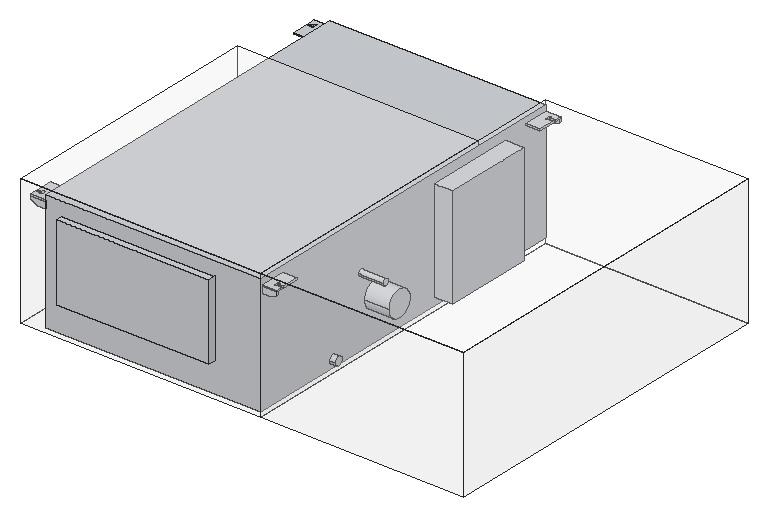
Revit family "ge-p1080_2100mg7_60Hz", category 機械設備, Revit 2019
Family settings
  丸型コネクタ寸法 = 直径を使用
  パーツ タイプ = 標準
  OmniClass 番号 = 23.75.10.24.21.27.27
  OmniClass タイトル = Split System Air Conditioning Units
  作業面ベース = いいえ
  常に垂直 = はい
  ロード時にボイドで切り取り = いいえ
  共有 = いいえ
  部屋計算ポイント = はい
Parameters (values of type "GE-P1080MG9")
  風量 = 1080.0 m³/h
  音響パワーレベル(dB) = 64
  電源種別 = ""
  電圧_電気ヒーター = 0 V
  電圧 = 200 V
  電動機出力_送風機 = 200 W
  運転質量 = 0.00 kg
  連動 = ""
  質量 = if(製品質量 > 運転質量, 製品質量, 運転質量) * 1.2  # 116.40 kg
  負荷分類 = 10_ファンコイル類
  説明 = "ビル用マルチエアコン 室内ユニット 天井埋込外気処理"
  設計暖房能力 [instance] = 0 kW
  設計冷房能力_顕熱 [instance] = 0 kW
  設計冷房能力 [instance] = 0 kW
  設置方法 = "天井吊形"
  記号 [instance] = ""
  製造元 = "三菱電機株式会社"
  製品質量 = 97.00 kg
  製品出荷対象 = "国内"
  製品リリース年月 = "2022年9月15日"
  製品グループ = ""
  給気量 = 0.0 m³/h
  系統 [instance] = ""
  符号 = "ACP-CIO"
  積算_科目 = "1 空気調和設備"
  積算_拾い区分 [instance] = ""
  相_電気ヒーター = 1
  相 = 1
  盤記号 [instance] = ""
  発停方法 = ""
  特殊仕様 [instance] = ""
  火災停止 = ""
  消費電力_電気ヒーター = 0 W
  消費電力_暖房 = 340 W
  消費電力_加湿器 = 0 W
  消費電力_冷房 = 340 W
  消費電力 = if(消費電力_冷房 > 消費電力_暖房, 消費電力_冷房, 消費電力_暖房) + 消費電力_加湿器 + 消費電力_電気ヒーター  # 340 W
  法定耐用年数 = "15"
  機外静圧 = 220.0 Pa
  極数 = 1
  材質 [instance] = ""
  本体マテリアル = none
  有効加湿量 = 8.3
  暖房能力 = 13.7 kW
  排気量 = 0.0 m³/h
  形式_加湿器 = ""
  形式 = "外気処理エアコン(天井吊形)"
  幹線記号 [instance] = ""
  始動方式 = "直入"
  外気量 = 0.0 m³/h
  呼称 = "室内機_外気処理エアコン(天井吊形)"
  周波数 = 60 Hz
  台数_手元リモコン [instance] = ""
  台数_冷媒分岐ユニット [instance] = ""
  参照している仕様書等のバージョン = "公共建築工事標準仕様書（機械設備工事編）平成31年度版"
  加湿給水管径 = 21.70 mm
  分類コード = "50053003221160"
  分類グループ = ""
  冷房能力 = 14 kW
  冷媒高低圧ガス管径 = 0.00 mm
  冷媒管径符号 = "Bd"
  冷媒管径 = 100.00 mm
  冷媒液管径 = 9.52 mm
  冷媒ガス管径 = 15.88 mm
  企業コード = "108420"
  付属品_フィルター = ""
  付属品 [instance] = ""
  仕様書バージョン = "Version1.0"
  モデル = "GE-P1080MG9"
  ドレン管径 = 32.00 mm
  ダクト2高 = 400 mm
  ダクト2幅 = 700 mm
  ダクト1高 = 300 mm
  ダクト1幅 = 600 mm
  コメント [instance] = ""
  Keynote = ""
  エンタルピ交換効率_暖房 [instance] = 0.00%
  エンタルピ交換効率_冷房 [instance] = 0.00%
  j = 25 mm  # constant formula
  h = 25 mm  # constant formula
  Width = 850 mm
  Version = ""
  Uniclass2015Version = "Systems v1.9"
  Uniclass2015Title = "Split coil remote air cooled condensing units"
  Uniclass2015Code = "Pr_70_65_03_84"
  URL = "https://www.mitsubishielectric.co.jp/ldg/wink/ssl/displayProduct.do?pid=317111"
  SpecificationReference = ""
  SpecificationDescription = ""
  Revision = ""
  ProductInformation = ""
  OmniClassCode = "23-33 17 13 11"
  L = 950 mm
  IfcTypeProduct = ""
  IfcProduct = ""
  IfcExportType = "AIRCONDITIONINGUNIT"
  IfcExportAs = "IfcUnitaryEquipmentType"
  Height = 470 mm
  Depth = 1400 mm
  Author = "三菱電機株式会社"
Types (3, lengths in mm): name | 風量 | 音響パワーレベル(dB) | 電動機出力_送風機 | 質量 | 製品質量 | 消費電力_暖房 | 消費電力_冷房 | 消費電力 | 機外静圧 | 有効加湿量 | 暖房能力 | 冷房能力 | 冷媒管径符号 | 冷媒ガス管径 | モデル | ダクト2幅 | ダクト1幅 | Width | URL | L
  GE-P1080MG9 | 1080.0 m³/h | 64 | 200 W | 116.40 kg | 97.00 kg | 340 W | 340 W | 340 W | 220.0 Pa | 8.3 | 13.7 kW | 14 kW | "Bd" | 15.88 | "GE-P1080MG9" | 700 | 600 | 850 | "https://www.mitsubishielectric.co.jp/ldg/wink/ssl/displayProduct.do?pid=317111" | 950
  GE-P1680MG9 | 1680.0 m³/h | 68 | 400 W | 136.80 kg | 114.00 kg | 570 W | 570 W | 570 W | 230.0 Pa | 13 | 21.2 kW | 22.4 kW | "Be" | 19.05 | "GE-P1680MG9" | 1100 | 1000 | 1250 | "https://www.mitsubishielectric.co.jp/ldg/wink/ssl/displayProduct.do?pid=317112" | 1350
  GE-P2100MG9 | 2100.0 m³/h | 72 | 400 W | 145.20 kg | 121.00 kg | 670 W | 670 W | 670 W | 200.0 Pa | 16.2 | 26.5 kW | 28 kW | "Bf" | 22.20 | "GE-P2100MG9" | 1100 | 1000 | 1250 | "https://www.mitsubishielectric.co.jp/ldg/wink/ssl/displayProduct.do?pid=317113" | 1350
Reference planes
  plane 1 "中心(正面/背面)": y = 0
  plane 2: z = 0
  plane 3 "中心(左/右)": x = 0
  plane 4 "左": x = -425
  plane 5 "右": x = 425
  plane 6 "正面": y = -700
  plane 7 "背面": y = 700
  plane 8: z = 470
  plane 9: z = 210
  plane 10: z = 153
  plane 11: z = 235
  plane 12: x = 625
  plane 13: x = -525
  plane 14: y = 370
  plane 15: y = -900
  plane 16: z = 490
  plane 17: z = -20
  plane 18: y = 725
  plane 19: y = -725
  plane 20: x = 1225
Lines and regions (mm)
  Masking region 1, detail levels coarse+medium
    outline origin (0, 0, 0) x (1, 0, 0) y (0, 1, 0)
      loop
        line (-425, 700) -> (-425, -700) -> (425, -700) -> (425, 700) -> (-425, 700)
  Masking region 2, detail levels coarse+medium
    outline origin (0, 0, 0) x (1, 0, 0) y (0, 1, 0)
      loop
        line (-425, 700) -> (-425, -700) -> (425, -700) -> (425, 700) -> (-425, 700)
  reference lines
    curve 1: line (0, 700, 0) -> (-425, 0, 0)
    curve 2: line (-425, 0, 0) -> (0, -700, 0)
    curve 3: line (425, 0, 0) -> (0, 700, 0)
    curve 4: line (0, -700, 0) -> (425, 0, 0)
  symbolic lines, detail levels coarse+medium
    curve 5: line (0, 700, 0) -> (-425, 0, 0)
    curve 6: line (-425, 0, 0) -> (0, -700, 0)
    curve 7: line (0, -700, 0) -> (425, 0, 0)
    curve 8: line (425, 0, 0) -> (0, 700, 0)
Dimensions and locks
  "Height": plane 8 to level
  equal spacing: plane 4 "左", plane 3 "中心(左/右)", plane 5 "右"
  "Width": plane 4 "左" to plane 5 "右"
  equal spacing: plane 6 "正面", plane 1 "中心(正面/背面)", plane 7 "背面"
  "Depth": plane 6 "正面" to plane 7 "背面"
  locked: plane 9 to level at 210
  locked: plane 10 to level at 153
  locked: plane 11 to level at 235
  locked: plane 16 to plane 8 at 20
  locked: plane 2 to plane 17 at 20
  locked: plane 6 "正面" to plane 14 at 1070
  "L": plane 13 to plane 5 "右"
  "h": plane 19 to plane 6 "正面"
  "j": plane 7 "背面" to plane 18
  locked: plane 12 to plane 20 at 600
  locked: plane 5 "右" to plane 20 at 800
  aligned and locked: level to plane 2
  aligned and locked: plane 6 "正面" to nested 2
  aligned and locked: plane 14 to nested 2
  aligned and locked: plane 16 to nested 3
  aligned and locked: plane 17 to nested 3
  aligned and locked: plane 16 to nested 2
  aligned and locked: plane 17 to nested 2
  aligned and locked: nested 1 to plane 1 "中心(正面/背面)"
  aligned and locked: plane 3 "中心(左/右)" to nested 1
  aligned and locked: plane 5 "右" to nested 2
  aligned and locked: plane 13 to nested 2
  aligned and locked: plane 7 "背面" to nested 3
  aligned and locked: plane 5 "右" to nested 3
  aligned and locked: plane 6 "正面" to nested 3
  aligned and locked: plane 20 to nested 3
Automatic sketch dimensions
  Masking region 1 sketch curve to plane 4 "左" = 0 mm
  Masking region 1 sketch curve to plane 5 "右" = 0 mm
  plane 6 "正面" to Masking region 1 sketch curve = 0 mm
  plane 7 "背面" to Masking region 1 sketch curve = 0 mm
  Masking region 2 sketch curve to plane 4 "左" = 0 mm
  Masking region 2 sketch curve to plane 5 "右" = 0 mm
  plane 6 "正面" to Masking region 2 sketch curve = 0 mm
  plane 7 "背面" to Masking region 2 sketch curve = 0 mm
  plane 1 "中心(正面/背面)" to curve 1 = 0 mm
  curve 1 to plane 4 "左" = 0 mm
  curve 2 to plane 3 "中心(左/右)" = 0 mm
  curve 3 to plane 3 "中心(左/右)" = 0 mm
  plane 1 "中心(正面/背面)" to curve 3 = 0 mm
  curve 3 to plane 5 "右" = 0 mm
  plane 6 "正面" to curve 2 = 0 mm
  plane 7 "背面" to curve 3 = 0 mm
  plane 1 "中心(正面/背面)" to curve 5 = 0 mm
  curve 5 to plane 4 "左" = 0 mm
  curve 6 to plane 3 "中心(左/右)" = 0 mm
  curve 8 to plane 3 "中心(左/右)" = 0 mm
  plane 1 "中心(正面/背面)" to curve 7 = 0 mm
  curve 7 to plane 5 "右" = 0 mm
  plane 6 "正面" to curve 6 = 0 mm
  plane 7 "背面" to curve 5 = 0 mm
Nested families
  nested 1: "GE-P-MG7" at (0, 0, 0) x (0, 1, 0) z (0, 0, 1), H <- "Height", 加湿器径 <- "加湿給水管径", D <- "Width", W <- "Depth", type "GE-P-MG7"
    with 配管径 100 mm, 液径 9.52 mm, 液W 96 mm, 液H 40 mm, 液D 100 mm, 吊りボルトW 1338 mm, 吊りボルトH 20 mm, 吊りボルトD 925 mm, 加湿器径 21.7 mm, 加湿器W 488 mm, 加湿器H 280 mm, 加湿器D 100 mm, ドレン径 32 mm, ドレンW 350 mm, ドレンH 35 mm, ドレンD 25 mm, ガス径 15.88 mm, ガスW 604 mm, ガスH 155 mm, ガスD 100 mm, W 1400 mm, J ダクトW 700 mm, J ダクトH 400 mm, H 470 mm, G ダクトW 600 mm, G ダクトH 300 mm, D 850 mm, C 985 mm
  nested 2: "サービススペース(GE-P-MG7)" at (-50, -165, 235), type "サービススペース(GE-P-MG7)"
    with Width 950 mm, Height 510 mm, Depth 1070 mm
  nested 3: "サービススペース(GE-P-MG7)" at (825, 0, 235), type "サービススペース(GE-P-MG7)"
    with Width 800 mm, Height 510 mm, Depth 1400 mm
Connectors
  hvac at (0, 725, 235), driven by "ダクト2高", driven by "ダクト2幅", driven by "機外静圧", driven by "外気量"
    settings: on nested 1, index 8, duct flow 0.0 m³/h, flow factor 0, pres drop 220.0 Pa, loss coef 0, conn angle 0.00°, conn width 700 mm, conn height 400 mm, conn diameter 609.6 mm, duct sys type 1, conn prof type 1, flow config 1, flow direction 1, loss method 4, conn ref index -1, conn util no, is conn primary yes, conn desc "OA"
  hvac at (-60, -725, 265), driven by "ダクト1高", driven by "ダクト1幅", driven by "機外静圧", driven by "給気量"
    settings: on nested 1, index 9, duct flow 0.0 m³/h, flow factor 0, pres drop 220.0 Pa, loss coef 0, conn angle 0.00°, conn width 600 mm, conn height 300 mm, conn diameter 609.6 mm, duct sys type 3, conn prof type 1, flow config 1, flow direction 2, loss method 4, conn ref index -1, conn util no, is conn primary no, conn desc "SA"
  electrical at (499.5, 324, 235), driven by "極数", driven by "負荷分類", driven by "電圧", driven by "消費電力"
    settings: on nested 1, index 10, voltage 200 V, apparent load 340 VA, apparent load phase1 0 VA, apparent load phase2 0 VA, apparent load phase3 0 VA, power factor 1, load classification "10_ファンコイル類", number of poles 1, system type 30, power factor state 1, is connector primary yes, connector utility no, sub classification motor no, connector description ""
  piping at (525, -144, 175), diameter 100, driven by "冷媒管径", driven by "冷媒管径符号"
    settings: on nested 1, index 11, connector inside diameter 609.60 mm, connector length 0 mm, flow factor 0, pipe flow 0.0 L/s, pressure drop 0.0 Pa, fitting loss kfactor 0, connector angle 0.00°, fixture units 0, engagement length 0 mm, angle of deflection 0.00°, flow configuration 1, flow direction 1, fitting loss method 4, system type 7, joint type 0, gender type 0, connector reference index -1, connector utility 0, adjustable connector no, is connector primary yes, connector description "Bd"
  piping at (450, -350, 35), diameter 32, driven by "ドレン管径"
    settings: on nested 1, index 12, connector inside diameter 609.60 mm, connector length 0 mm, flow factor 0, pipe flow 0.0 L/s, pressure drop 0.0 Pa, fitting loss kfactor 0, connector angle 0.00°, fixture units 0, engagement length 0 mm, angle of deflection 0.00°, flow configuration 1, flow direction 2, fitting loss method 4, system type 16, joint type 0, gender type 0, connector reference index -1, connector utility 0, adjustable connector no, is connector primary no, connector description ""
  piping at (525, -212, 280), diameter 21.7, driven by "加湿給水管径"
    settings: on nested 1, index 13, connector inside diameter 609.60 mm, connector length 0 mm, flow factor 0, pipe flow 0.0 L/s, pressure drop 0.0 Pa, fitting loss kfactor 0, connector angle 0.00°, fixture units 0, engagement length 0 mm, angle of deflection 0.00°, flow configuration 1, flow direction 1, fitting loss method 4, system type 20, joint type 0, gender type 0, connector reference index -1, connector utility 0, adjustable connector no, is connector primary no, connector description ""
Definition of nested family "GE-P-MG7"
  Parameters (values of type "GE-P-MG7")
    加湿器径 [instance] = 6.4 mm
    加湿器W [instance] = 488 mm  # constant formula
    加湿器H [instance] = 280 mm  # constant formula
    加湿器D [instance] = 100 mm  # constant formula
    液径 [instance] = 9.52 mm
    吊りボルトW [instance] = 1338 mm  # constant formula
    吊りボルトH [instance] = 20 mm  # constant formula
    吊りボルトD [instance] = if(D = 850 mm, 925 mm, 1325 mm)  # 925 mm
    配管径 [instance] = 100 mm  # constant formula
    液W [instance] = 96 mm  # constant formula
    液H [instance] = 40 mm  # constant formula
    液D [instance] = 100 mm  # constant formula
    ドレン径 [instance] = 32 mm
    ドレンW [instance] = 350 mm  # constant formula
    ドレンH [instance] = 35 mm  # constant formula
    ドレンD [instance] = 25 mm  # constant formula
    J ダクトW [instance] = if(D = 850 mm, 700 mm, 1100 mm)  # 700 mm
    J ダクトH [instance] = 400 mm  # constant formula
    ガス径 [instance] = 15.88 mm
    ガスW [instance] = 604 mm  # constant formula
    ガスH [instance] = 155 mm  # constant formula
    ガスD [instance] = 100 mm  # constant formula
    W [instance] = 1400 mm
    H [instance] = 470 mm
    G ダクトW [instance] = if(D = 850 mm, 600 mm, 1000 mm)  # 600 mm
    G ダクトH [instance] = 300 mm  # constant formula
    D [instance] = 850 mm
    C [instance] = if(D = 850 mm, 985 mm, 1385 mm)  # 985 mm
  Reference planes
    plane 1 "中心(正面/背面)": y = 0
    plane 2: z = 0
    plane 3 "中心(左/右)": x = 0
    plane 4: x = -700
    plane 5: x = 700
    plane 6: y = 425
    plane 7: y = -425
    plane 8: z = 470
    plane 9: y = 462.5
    plane 10: y = -462.5
    plane 11: x = -669
    plane 12: x = 669
    plane 13: y = 485.5
    plane 14: y = -485.5
    plane 15: x = -699
    plane 16: x = 699
    plane 17: x = 599
    plane 18: x = -599
    plane 19: z = 450
    plane 20: z = 420
    plane 21: z = 445
    plane 22: x = -694
    plane 23: x = 694
    plane 24: x = -350
    plane 25: x = -96
    plane 26: x = -192
    plane 27: y = -499.5
    plane 28: x = 499
    plane 29: x = 149
    plane 30: y = -450
    plane 31: z = 35
    plane 32: y = -525
    plane 33: z = 155
    plane 34: z = 195
    plane 35: x = -144
    plane 36: z = 175
    plane 37: x = -212
    plane 38: z = 280
    plane 39: x = 725
    plane 40: x = -725
    plane 41: y = -240
    plane 42: y = 360
    plane 43: z = 115
    plane 44: z = 415
    plane 45: y = 350
    plane 46: y = -350
    plane 47: z = 435
  Forms (mm)
    Extrusion 1, solid, detail levels fine
      sketch origin (0, 0, 0) x (1, 0, 0) y (0, 1, 0)
        loop
          line (-700, 425) -> (-700, -425) -> (700, -425) -> (700, 425) -> (-700, 425)
      from 0 to 470
    Extrusion 2, solid, detail levels fine
      sketch origin (0, 0, 0) x (1, 0, 0) y (0, 1, 0)
        loop
          line (-699, 485.5) -> (-699, 425) -> (-599, 425) -> (-599, 485.5) -> (-664, 485.5) -> (-664, 467.5)
          arc (-664, 467.5) -> (-659, 462.5) -> (-664, 457.5) r 5
          line (-664, 457.5) -> (-674, 457.5)
          arc (-674, 457.5) -> (-679, 462.5) -> (-674, 467.5) r 5
          line (-674, 467.5) -> (-674, 485.5) -> (-699, 485.5)
        loop
          line (599, 485.5) -> (599, 425) -> (699, 425) -> (699, 485.5) -> (674, 485.5) -> (674, 467.5)
          arc (674, 467.5) -> (679, 462.5) -> (674, 457.5) r 5
          line (674, 457.5) -> (664, 457.5)
          arc (664, 457.5) -> (659, 462.5) -> (664, 467.5) r 5
          line (664, 467.5) -> (664, 485.5) -> (599, 485.5)
        loop
          line (599, -485.5) -> (664, -485.5) -> (664, -467.5)
          arc (664, -467.5) -> (659, -462.5) -> (664, -457.5) r 5
          line (664, -457.5) -> (674, -457.5)
          arc (674, -457.5) -> (679, -462.5) -> (674, -467.5) r 5
          line (674, -467.5) -> (674, -485.5) -> (699, -485.5) -> (699, -425) -> (599, -425) -> (599, -485.5)
        loop
          line (-699, -485.5) -> (-674, -485.5) -> (-674, -467.5)
          arc (-674, -467.5) -> (-679, -462.5) -> (-674, -457.5) r 5
          line (-674, -457.5) -> (-664, -457.5)
          arc (-664, -457.5) -> (-659, -462.5) -> (-664, -467.5) r 5
          line (-664, -467.5) -> (-664, -485.5) -> (-599, -485.5) -> (-599, -425) -> (-699, -425) -> (-699, -485.5)
      from 445 to 450
    Extrusion 3, solid, detail levels fine
      sketch origin (0, 0, 0) x (0, 1, 0) y (0, 0, 1)
        loop
          line (425, 445) -> (425, 420) -> (455.25, 420) -> (485.5, 432.5) -> (485.5, 445) -> (425, 445)
        loop
          line (-485.5, 445) -> (-485.5, 432.5) -> (-455.25, 420) -> (-425, 420) -> (-425, 445) -> (-485.5, 445)
      from 694 to 699
    Extrusion 4, solid, detail levels fine
      sketch origin (0, 0, 0) x (0, 1, 0) y (0, 0, 1)
        loop
          line (-485.5, 432.5) -> (-455.25, 420) -> (-425, 420) -> (-425, 445) -> (-485.5, 445) -> (-485.5, 432.5)
        loop
          line (455.25, 420) -> (485.5, 432.5) -> (485.5, 445) -> (425, 445) -> (425, 420) -> (455.25, 420)
      from -699 to -694
    Extrusion 5, solid, detail levels fine
      sketch origin (0, 0, 0) x (1, 0, 0) y (0, 0, 1)
        loop
          circle (-350, 35) r 16
      from 425 to 450
    Extrusion 6, solid, detail levels fine
      sketch origin (0, 0, 0) x (1, 0, 0) y (0, 0, 1)
        loop
          circle (-144, 175) r 50
      from 425 to 525
    Extrusion 7, solid, detail levels fine
      sketch origin (0, 0, 0) x (1, 0, 0) y (0, 0, 1)
        loop
          circle (-212, 280) r 3.2
      from 425 to 525
    Extrusion 8, solid, detail levels fine
      sketch origin (0, 0, 0) x (0, 1, 0) y (0, 0, 1)
        loop
          line (360, 415) -> (-240, 415) -> (-240, 115) -> (360, 115) -> (360, 415)
      from -725 to -700
    Extrusion 9, solid, detail levels fine
      sketch origin (0, 0, 0) x (0, 1, 0) y (0, 0, 1)
        loop
          line (-350, 435) -> (-350, 35) -> (350, 35) -> (350, 435) -> (-350, 435)
      from 700 to 725
    Extrusion 10, solid, detail levels fine
      sketch origin (0, 0, 0) x (1, 0, 0) y (0, 0, 1)
        loop
          line (499, 435) -> (149, 435) -> (149, 35) -> (499, 35) -> (499, 435)
      from 425 to 499.5
  Dimensions and locks
    equal spacing: plane 7, plane 1 "中心(正面/背面)", plane 6
    "D": plane 7 to plane 6
    equal spacing: plane 4, plane 3 "中心(左/右)", plane 5
    "W": plane 4 to plane 5
    "H": plane 8 to level
    equal spacing: plane 10, plane 1 "中心(正面/背面)", plane 9
    "吊りボルトD": plane 10 to plane 9
    equal spacing: plane 11, plane 3 "中心(左/右)", plane 12
    "吊りボルトW": plane 11 to plane 12
    locked: plane 9 to plane 13 at 23
    locked: plane 14 to plane 10 at 23
    locked: plane 12 to plane 16 at 30
    locked: plane 15 to plane 11 at 30
    locked: plane 11 to plane 18 at 70
    locked: plane 17 to plane 12 at 70
    plane 8 to plane 19 to plane 20 = 20 mm locked, 30 mm locked
    locked: plane 23 to plane 16 at 5
    locked: plane 15 to plane 22 at 5
    locked: plane 19 to plane 21 at 5
    "ドレンW": plane 24 to plane 4
    "ガスW": plane 25 to plane 4
    "液W": plane 25 to plane 26
    "C": plane 27 to plane 13
    locked: plane 28 to plane 29 at 350
    plane 5 to plane 28 = 201 mm
    "ドレンD": plane 30 to plane 7
    "ドレンH": plane 31 to level
    "ガスD": plane 32 to plane 7
    "ガスH": plane 33 to level
    "液H": plane 34 to plane 33
    equal spacing: plane 25, plane 35, plane 26
    equal spacing: plane 34, plane 36, plane 33
    "加湿器W": plane 37 to plane 4
    "加湿器H": plane 38 to level
    locked: plane 40 to plane 4 at 25
    locked: plane 5 to plane 39 at 25
    locked: plane 7 to plane 41 at 185
    "G ダクトW": plane 41 to plane 42
    locked: plane 43 to level at 115
    "G ダクトH": plane 44 to plane 43
    equal spacing: plane 46, plane 1 "中心(正面/背面)", plane 45
    "J ダクトW": plane 46 to plane 45
    "J ダクトH": plane 47 to plane 31
    "ドレン径": diameter of Extrusion 5 sketch curve
    "配管径": diameter of Extrusion 6 sketch curve
    "加湿器径": diameter of Extrusion 7 sketch curve
    aligned and locked: level to plane 2
    aligned and locked: plane 6 to Extrusion 1 sketch curve
    aligned and locked: plane 4 to Extrusion 1 sketch curve
    aligned and locked: Extrusion 1 sketch curve to plane 7
    aligned and locked: Extrusion 1 sketch curve to plane 5
    aligned and locked: plane 8 to Extrusion 1
    aligned and locked: plane 13 to Extrusion 2 sketch curve  (x4)
    aligned and locked: plane 15 to Extrusion 2 sketch curve
    aligned and locked: Extrusion 2 sketch curve to plane 6  (x2)
    aligned and locked: Extrusion 2 sketch curve to plane 18
    aligned and locked: plane 17 to Extrusion 2 sketch curve
    aligned and locked: Extrusion 2 sketch curve to plane 16
    aligned and locked: plane 14 to Extrusion 2 sketch curve  (x4)
    aligned and locked: Extrusion 2 sketch curve to plane 17
    aligned and locked: Extrusion 2 sketch curve to plane 7  (x2)
    aligned and locked: plane 16 to Extrusion 2 sketch curve
    aligned and locked: Extrusion 2 sketch curve to plane 15
    aligned and locked: plane 18 to Extrusion 2 sketch curve
    aligned and locked: plane 9 to Extrusion 2 sketch curve  (x4)
    aligned and locked: plane 10 to Extrusion 2 sketch curve  (x4)
    aligned and locked: plane 19 to Extrusion 2
    aligned and locked: Extrusion 2 to plane 21
    aligned and locked: Extrusion 2 to Extrusion 3 sketch curve
    aligned and locked: Extrusion 3 sketch curve to Extrusion 2  (x3)
    aligned and locked: plane 20 to Extrusion 3 sketch curve  (x2)
    aligned and locked: plane 13 to Extrusion 3 sketch curve
    aligned and locked: plane 7 to Extrusion 3 sketch curve
    aligned and locked: plane 16 to Extrusion 3
    aligned and locked: Extrusion 3 to plane 23
    aligned and locked: Extrusion 4 sketch curve to Extrusion 3  (x10)
    aligned and locked: plane 22 to Extrusion 4
    aligned and locked: Extrusion 4 to plane 15
    aligned and locked: plane 31 to Extrusion 5 sketch curve
    aligned and locked: plane 24 to Extrusion 5 sketch curve
    aligned and locked: Extrusion 5 to plane 7
    aligned and locked: plane 30 to Extrusion 5
    aligned and locked: plane 35 to Extrusion 6 sketch curve
    aligned and locked: plane 36 to Extrusion 6 sketch curve
    aligned and locked: plane 32 to Extrusion 6
    aligned and locked: Extrusion 6 to plane 7
    aligned and locked: plane 37 to Extrusion 7 sketch curve
    aligned and locked: plane 38 to Extrusion 7 sketch curve
    aligned and locked: plane 32 to Extrusion 7
    aligned and locked: Extrusion 7 to plane 7
    aligned and locked: plane 44 to Extrusion 8 sketch curve
    aligned and locked: Extrusion 8 sketch curve to plane 42
    aligned and locked: Extrusion 8 sketch curve to plane 43
    aligned and locked: plane 41 to Extrusion 8 sketch curve
    aligned and locked: plane 4 to Extrusion 8
    aligned and locked: Extrusion 8 to plane 40
    aligned and locked: Extrusion 9 sketch curve to plane 47
    aligned and locked: Extrusion 9 sketch curve to plane 46
    aligned and locked: plane 31 to Extrusion 9 sketch curve
    aligned and locked: plane 45 to Extrusion 9 sketch curve
    aligned and locked: plane 39 to Extrusion 9
    aligned and locked: Extrusion 9 to plane 5
    aligned and locked: plane 47 to Extrusion 10 sketch curve
    aligned and locked: plane 28 to Extrusion 10 sketch curve
    aligned and locked: Extrusion 10 sketch curve to plane 31
    aligned and locked: Extrusion 10 sketch curve to plane 29
    aligned and locked: plane 27 to Extrusion 10
    aligned and locked: Extrusion 10 to plane 7
    aligned and locked: plane 10 to nested 1
    aligned and locked: plane 11 to nested 1
    aligned and locked: plane 12 to nested 1
    aligned and locked: nested 1 to plane 9
  Automatic sketch dimensions
    Extrusion 2 sketch curve to plane 11 = 5 mm  (x4)
    plane 11 to Extrusion 2 sketch curve = 5 mm  (x3)
    Extrusion 2 sketch curve to plane 12 = 5 mm  (x4)
    plane 12 to Extrusion 2 sketch curve = 5 mm  (x4)
    Extrusion 2 sketch curve to plane 10 = 5 mm
    plane 9 to Extrusion 2 sketch curve = 5 mm  (x2)
    Extrusion 2 sketch curve to Extrusion 2 sketch curve = 0 mm
    plane 10 to Extrusion 2 sketch curve = 5 mm
    plane 9 to Extrusion 3 sketch curve = 7.25 mm
    plane 20 to Extrusion 3 sketch curve = 12.5 mm
    Extrusion 3 sketch curve to plane 10 = 7.25 mm
    Extrusion 3 sketch curve to Extrusion 3 sketch curve = 12.5 mm
  Nested families
    nested 1: "固定点" at (-669, -462.5, 0), type "固定点", detail levels fine
      with W 1338 mm, D 925 mm
  Definition of nested family "固定点"
    Parameters (values of type "固定点")
      中心円 = 20 mm
      W [instance] = 1000 mm
      D [instance] = 1000 mm
    Reference planes
      plane 1 "中心(正面/背面)": y = 0
      plane 2: z = 0
      plane 3 "中心(左/右)": x = 0
      plane 4: x = 1000
      plane 5: y = 1000
    Lines and regions (mm)
      symbolic lines, detail levels fine
        curve 1: circle (0, 1000, 0) r 10 normal (0, 0, 1)
        curve 2: circle (0, 0, 0) r 10 normal (0, 0, 1)
        curve 3: circle (1000, 1000, 0) r 10 normal (0, 0, 1)
        curve 4: circle (1000, 0, 0) r 10 normal (0, 0, 1)
        curve 5: line (-200, 1000, 0) -> (1200, 1000, 0)
        curve 6: line (-200, 0, 0) -> (1200, 0, 0)
        curve 7: line (0, 1200, 0) -> (0, -200, 0)
        curve 8: line (1000, 1200, 0) -> (1000, -200, 0)
    Dimensions and locks
      "W": plane 3 "中心(左/右)" to plane 4
      "D": plane 1 "中心(正面/背面)" to plane 5
      "中心円": diameter of curve 1
      "中心円": diameter of curve 2
      "中心円": diameter of curve 3
      "中心円": diameter of curve 4
      aligned and locked: level to plane 2
      aligned and locked: plane 5 to curve 1
      aligned and locked: plane 3 "中心(左/右)" to curve 1
      aligned and locked: plane 3 "中心(左/右)" to curve 2
      aligned and locked: plane 1 "中心(正面/背面)" to curve 2
      aligned and locked: plane 4 to curve 3
      aligned and locked: plane 5 to curve 3
      aligned and locked: plane 1 "中心(正面/背面)" to curve 4
      aligned and locked: plane 4 to curve 4
      aligned and locked: plane 1 "中心(正面/背面)" to curve 6
      aligned and locked: curve 7 to plane 3 "中心(左/右)"
      aligned and locked: curve 8 to plane 4
    Automatic sketch dimensions
      curve 5 to plane 5 = 0 mm
      curve 6 to plane 3 "中心(左/右)" = 200 mm
      curve 5 to plane 3 "中心(左/右)" = 200 mm
      curve 4 to curve 6 = 200 mm
      curve 3 to curve 5 = 200 mm
      plane 1 "中心(正面/背面)" to curve 8 = 200 mm
      plane 1 "中心(正面/背面)" to curve 7 = 200 mm
      curve 3 to curve 8 = 200 mm
      curve 1 to curve 7 = 200 mm
Definition of nested family "サービススペース(GE-P-MG7)"
  Parameters (values of type "サービススペース")
    Width [instance] = 500 mm
    Height [instance] = 500 mm
    Depth [instance] = 500 mm
  Reference planes
    plane 1 "中心(正面/背面)": y = 0
    plane 2: z = 0
    plane 3 "中心(左/右)": x = 0
    plane 4: y = -250
    plane 5: x = 250
    plane 6: y = 250
    plane 7: x = -250
    plane 8: z = 250
    plane 9: z = -250
  Forms (mm)
    Extrusion 1, solid
      sketch origin (-638.939, 0, 72.39) x (1, 0, 0) y (0, 1, 0)
        loop
          line (388.939, 250) -> (388.939, -250) -> (888.939, -250) -> (888.939, 250) -> (388.939, 250)
      from -322.39 to 177.61
  Lines and regions (mm)
    symbolic lines
      curve 1: line (-250, 0, 250) -> (250, 0, 250)
      curve 2: line (-250, 0, -250) -> (-250, 0, 250)
      curve 3: line (250, 0, -250) -> (-250, 0, -250)
      curve 4: line (250, 0, 250) -> (250, 0, -250)
      curve 5: line (0, -250, 250) -> (0, 250, 250)
      curve 6: line (0, -250, -250) -> (0, -250, 250)
      curve 7: line (0, 250, -250) -> (0, -250, -250)
      curve 8: line (0, 250, 250) -> (0, 250, -250)
      curve 9: line (-250, 250, 0) -> (250, 250, 0)
      curve 10: line (-250, -250, 0) -> (-250, 250, 0)
      curve 11: line (250, -250, 0) -> (-250, -250, 0)
      curve 12: line (250, 250, 0) -> (250, -250, 0)
  Dimensions and locks
    equal spacing: plane 7, plane 3 "中心(左/右)", plane 5
    equal spacing: plane 4, plane 1 "中心(正面/背面)", plane 6
    "Depth": plane 4 to plane 6
    "Width": plane 7 to plane 5
    equal spacing: plane 8, plane 2, plane 9
    "Height": plane 8 to plane 9
    aligned and locked: plane 9 to curve 3
    aligned and locked: plane 7 to curve 2
    aligned and locked: curve 4 to plane 5
    aligned and locked: plane 5 to Extrusion 1
    aligned and locked: Extrusion 1 to plane 7
    aligned and locked: Extrusion 1 to plane 9
    aligned and locked: plane 8 to Extrusion 1
    aligned and locked: plane 9 to curve 7
  Automatic sketch dimensions
    plane 4 to Extrusion 1 sketch curve = 0 mm
    Extrusion 1 sketch curve to plane 7 = 0 mm
    Extrusion 1 sketch curve to plane 5 = 0 mm
    plane 6 to Extrusion 1 sketch curve = 0 mm
    curve 2 to plane 8 = 0 mm
    plane 4 to curve 11 = 0 mm
    curve 11 to plane 7 = 0 mm
    curve 11 to plane 5 = 0 mm
    plane 6 to curve 10 = 0 mm
    curve 7 to plane 4 = 0 mm
    curve 7 to plane 6 = 0 mm
    curve 6 to plane 8 = 0 mm
